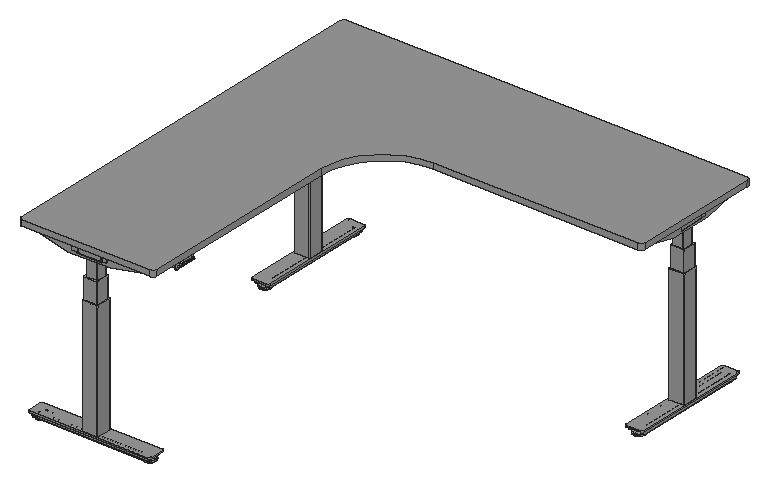
Revit family "3-Leg upCentric_72x72_Left", category Furniture, Revit 2014 (continued)
Definition of nested family "3-Leg upCentric_72x72_Left"
  Forms (in)
    Revolve 101, solid, material "Metal Black" <- "Frame"
      sketch origin (45.67323, -2.15005, 48) x (0, -1, 0) y (0, 0, -1)
        loop
          line (-1.438, 47.33071) -> (-1.438, 46.93701) -> (-1.12382, 46.93701) -> (-1.12382, 47.28975)
          arc (-1.12382, 47.28975) -> (-1.13582, 47.31871) -> (-1.16478, 47.33071) r 0.04095
          line (-1.16478, 47.33071) -> (-1.438, 47.33071)
        axis (-1.438, 47.33071) -> (-1.438, 46.93701)
      angle from 0 to 360
    Revolve 102, solid, material "Metal Black" <- "Frame"
      sketch origin (45.90945, -9.84682, 52.44291) x (0, -1, 0) y (0, 0, -1)
        loop
          line (-2.2445, 21.35433) -> (-2.12887, 21.35433) -> (-2.10624, 21.37696) -> (-2.10624, 21.44291) -> (-2.2445, 21.44291) -> (-2.2445, 21.35433)
        axis (-2.3622, 21.35433) -> (-2.3622, 21.44291)
      angle from 0 to 360
    Revolve 103, solid, material "Metal Black" <- "Frame"
      sketch origin (45.90945, -5.90555, 52.44291) x (0, -1, 0) y (0, 0, -1)
        loop
          line (-2.2445, 21.35433) -> (-2.12887, 21.35433) -> (-2.10624, 21.37696) -> (-2.10624, 21.44291) -> (-2.2445, 21.44291) -> (-2.2445, 21.35433)
        axis (-2.3622, 21.35433) -> (-2.3622, 21.44291)
      angle from 0 to 360
    Revolve 104, solid, material "Metal Black" <- "Frame"
      sketch origin (45.90945, 9.82961, 52.44291) x (0, 1, 0) y (0, 0, 1)
        loop
          line (-2.2445, -21.35433) -> (-2.2445, -21.44291) -> (-2.10624, -21.44291) -> (-2.10624, -21.37696) -> (-2.12887, -21.35433) -> (-2.2445, -21.35433)
        axis (-2.3622, -21.35433) -> (-2.3622, -21.44291)
      angle from 0 to 360
    Revolve 105, solid, material "Metal Black" <- "Frame"
      sketch origin (45.90945, 5.93673, 52.44291) x (0, 1, 0) y (0, 0, 1)
        loop
          line (-2.27966, -21.35433) -> (-2.27966, -21.44291) -> (-2.1414, -21.44291) -> (-2.1414, -21.37696) -> (-2.16403, -21.35433) -> (-2.27966, -21.35433)
        axis (-2.39736, -21.35433) -> (-2.39736, -21.44291)
      angle from 0 to 360
    Revolve 106, solid, material "Metal Black" <- "Frame"
      sketch origin (180.71068, 33.59849, 30.35564) x (0, -1, 0) y (1, 0, 0)
        loop
          line (30.54389, -135.39182) -> (30.54389, -135.15272) -> (30.46906, -135.15272) -> (30.42578, -135.196) -> (30.42578, -135.36998) -> (30.44762, -135.39182) -> (30.54389, -135.39182)
        axis (30.42578, -135.58789) -> (30.54389, -135.58789)
      angle from 0 to 360
    Revolve 107, solid, material "Metal Black" <- "Frame"
      sketch origin (180.71068, 33.59849, 30.35564) x (0, -1, 0) y (1, 0, 0)
        loop
          line (36.65406, -135.3935) -> (36.75034, -135.3935) -> (36.77217, -135.37166) -> (36.77217, -135.19768) -> (36.7289, -135.1544) -> (36.65406, -135.1544) -> (36.65406, -135.3935)
        axis (36.77217, -135.58957) -> (36.65406, -135.58957)
      angle from 0 to 360
    Revolve 108, solid, material "Metal Black" <- "Frame"
      sketch origin (180.71068, 33.59849, 30.35564) x (0, -1, 0) y (1, 0, 0)
        loop
          arc (30.17138, -135.57795) -> (30.18503, -135.75698) -> (30.22222, -135.93264) r 1.35519
          arc (30.22222, -135.93264) -> (30.23161, -135.9464) -> (30.2474, -135.9517) r 0.02616
          line (30.2474, -135.9517) -> (30.27869, -135.9517) -> (30.27869, -135.88271) -> (30.55077, -135.88271) -> (30.55077, -135.57795) -> (30.16631, -135.57795)
        axis (30.55077, -135.57795) -> (30.16631, -135.57795)
      angle from 0 to 360
    Revolve 109, solid, material "Metal Black" <- "Frame"
      sketch origin (180.71068, -33.60009, 30.35564) x (0, 1, 0) y (-1, 0, 0)
        loop
          arc (30.17138, 135.57795) -> (30.18503, 135.75698) -> (30.22222, 135.93264) r 1.35519
          arc (30.22222, 135.93264) -> (30.23161, 135.9464) -> (30.2474, 135.9517) r 0.02616
          line (30.2474, 135.9517) -> (30.27869, 135.9517) -> (30.27869, 135.88271) -> (30.55077, 135.88271) -> (30.55077, 135.57795) -> (30.16631, 135.57795)
        axis (30.55077, 135.57795) -> (30.16631, 135.57795)
      angle from 0 to 360
    Extrusion 110, solid, material "Metal Black" <- "Frame"
      sketch origin (0.71068, 12.6937, 0) x (0, 1, 0) y (0, 0, 1)
        loop
          line (-21.81468, 30.12016) -> (-16.43732, 28.95301) -> (-8.957, 28.95301) -> (-3.57709, 30.12071)
          arc (-3.57709, 30.12071) -> (-3.52078, 30.1431) -> (-3.47474, 30.18251) r 0.18477
          line (-3.47474, 30.18251) -> (-2.78878, 31) -> (-22.60554, 31) -> (-21.92126, 30.18451)
          arc (-21.92126, 30.18451) -> (-21.87332, 30.14347) -> (-21.81468, 30.12016) r 0.19241
      from 44.60821 to 45.78932
    Extrusion 111, solid, material "Black" <- "Control", visible <- "Button_left"
      sketch origin (24.13327, 2.63455, 2) x (0, 1, 0) y (0, 0, 1)
        loop
          arc (-15.04812, 29) -> (-15.09143, 28.99059) -> (-15.12693, 28.96406) r 0.10438
          line (-15.12693, 28.96406) -> (-15.48008, 28.55737)
          arc (-15.48008, 28.55737) -> (-15.48329, 28.53522) -> (-15.46446, 28.52311) r 0.02069
          line (-15.46446, 28.52311) -> (-15.24393, 28.52311)
          arc (-15.24393, 28.52311) -> (-15.10913, 28.54993) -> (-14.99484, 28.62629) r 0.35227
          line (-14.99484, 28.62629) -> (-14.8589, 28.76222)
          arc (-14.8589, 28.76222) -> (-14.80023, 28.80143) -> (-14.73101, 28.8152) r 0.18086
          line (-14.73101, 28.8152) -> (-14.55867, 28.8152)
          arc (-14.55867, 28.8152) -> (-14.51718, 28.83238) -> (-14.5, 28.87387) r 0.05867
          line (-14.5, 28.87387) -> (-14.5, 29) -> (-15.04812, 29)
      from 15.21373 to 19.22108
    Extrusion 112, solid, material "Black" <- "Control", visible <- "Button_left"
      sketch origin (24.28952, -12.42002, 31.04739) x (0, -0.655659, -0.755057) y (1, 0, 0)
        loop
          circle (0.37642, 18.60572) r 0.13929
      from 0 to 0.08091
    Extrusion 113, solid, material "Black" <- "Control", visible <- "Button_left"
      sketch origin (23.76732, -12.42002, 31.04739) x (0, -0.655659, -0.755057) y (1, 0, 0)
        loop
          circle (0.37642, 18.60572) r 0.13929
      from 0 to 0.08091
    Extrusion 114, solid, material "DarkGreen" <- "ControlDirection", visible <- "Button_left"
      sketch origin (23.20482, -12.42002, 31.04739) x (0, -0.655659, -0.755057) y (1, 0, 0)
        loop
          line (0.25317, 18.81874) -> (0.25317, 18.47919) -> (0.54722, 18.64897) -> (0.25317, 18.81874)
      from 0 to 0.0452
    Extrusion 115, solid, material "Black" <- "Control", visible <- "Button_left"
      sketch origin (58.41182, -12.42002, 31.04739) x (0, -0.655659, -0.755057) y (1, 0, 0)
        loop
          circle (0.37642, -18.60572) r 0.13929
      from 0 to 0.08091
    Extrusion 116, solid, material "Black" <- "Control", visible <- "Button_left"
      sketch origin (58.93402, -12.42002, 31.04739) x (0, -0.655659, -0.755057) y (1, 0, 0)
        loop
          circle (0.37642, -18.60572) r 0.13929
      from 0 to 0.08091
    Extrusion 117, solid, material "DarkGreen" <- "ControlDirection", visible <- "Button_left"
      sketch origin (59.49652, -12.42002, 31.04739) x (0, -0.655659, -0.755057) y (1, 0, 0)
        loop
          line (0.19067, -18.64897) -> (0.48472, -18.81874) -> (0.48472, -18.47919) -> (0.19067, -18.64897)
      from 0 to 0.0452
    Extrusion 118, solid, material "Default" <- "Control Screen", visible <- "Button_left"
      sketch origin (22.70482, -12.42002, 31.04739) x (0, -0.655659, -0.755057) y (1, 0, 0)
        loop
          line (0.16607, 18.86855) -> (0.16607, 18.41908) -> (0.521, 18.41908) -> (0.521, 18.86855) -> (0.16607, 18.86855)
      from 0 to 0.0167
    Revolve 119, solid, material "Metal Black" <- "Frame"
      sketch origin (-22.54052, -58.53519, 52.44291) x (-1, 0, 0) y (0, 0, -1)
        loop
          line (-2.2445, 21.35433) -> (-2.12887, 21.35433) -> (-2.10624, 21.37696) -> (-2.10624, 21.44291) -> (-2.2445, 21.44291) -> (-2.2445, 21.35433)
        axis (-2.3622, 21.35433) -> (-2.3622, 21.44291)
      angle from 0 to 360
    Revolve 120, solid, material "Metal Black" <- "Frame"
      sketch origin (-18.59925, -58.53519, 52.44291) x (-1, 0, 0) y (0, 0, -1)
        loop
          line (-2.2445, 21.35433) -> (-2.12887, 21.35433) -> (-2.10624, 21.37696) -> (-2.10624, 21.44291) -> (-2.2445, 21.44291) -> (-2.2445, 21.35433)
        axis (-2.3622, 21.35433) -> (-2.3622, 21.44291)
      angle from 0 to 360
    Revolve 121, solid, material "Metal Black" <- "Frame"
      sketch origin (-2.86409, -58.53519, 52.44291) x (1, 0, 0) y (0, 0, 1)
        loop
          line (-2.2445, -21.35433) -> (-2.2445, -21.44291) -> (-2.10624, -21.44291) -> (-2.10624, -21.37696) -> (-2.12887, -21.35433) -> (-2.2445, -21.35433)
        axis (-2.3622, -21.35433) -> (-2.3622, -21.44291)
      angle from 0 to 360
    Revolve 122, solid, material "Metal Black" <- "Frame"
      sketch origin (-6.75697, -58.53519, 52.44291) x (1, 0, 0) y (0, 0, 1)
        loop
          line (-2.27966, -21.35433) -> (-2.27966, -21.44291) -> (-2.1414, -21.44291) -> (-2.1414, -21.37696) -> (-2.16403, -21.35433) -> (-2.27966, -21.35433)
        axis (-2.39736, -21.35433) -> (-2.39736, -21.44291)
      angle from 0 to 360
    Revolve 123, solid, material "Metal Black" <- "Frame"
      sketch origin (-14.36894, -49.95675, 52.45252) x (0, 1, 0) y (0, 0, 1)
        loop
          line (-5.49249, -21.37402) -> (-5.60679, -21.37402) -> (-5.63045, -21.39768) -> (-5.63045, -21.45276) -> (-5.49249, -21.45276) -> (-5.49249, -21.37402)
        axis (-5.368, -21.45276) -> (-5.368, -21.37402)
      angle from 0 to 360
    Extrusion 124, solid, material "Metal Black" <- "Frame"
      sketch origin (-192.34735, -28.34235, 28.36548) x (0, -1, 0) y (1, 0, 0)
        loop
          line (27.37237, 177.46738) -> (27.37237, 179.47719)
          arc (27.37237, 179.47719) -> (27.31593, 179.61344) -> (27.17968, 179.66988) r 0.19269
          line (27.17968, 179.66988) -> (26.78189, 179.66988)
          arc (26.78189, 179.66988) -> (26.64265, 179.6122) -> (26.58497, 179.47295) r 0.19693
          line (26.58497, 179.47295) -> (26.58497, 177.46738) -> (27.37237, 177.46738)
        loop
          circle (26.98085, 177.97799) r 0.1198
        loop
          circle (26.97829, 179.25722) r 0.07775
      from 2.63452 to 2.53949
    Revolve 125, solid, material "Metal Black" <- "Frame"
      sketch origin (-14.36936, -49.52322, 52.45252) x (0, -1, 0) y (0, 0, -1)
        loop
          line (5.68037, 21.37402) -> (5.68037, 21.45276) -> (5.5424, 21.45276) -> (5.5424, 21.39768) -> (5.56607, 21.37402) -> (5.68037, 21.37402)
        axis (5.80485, 21.45276) -> (5.80485, 21.37402)
      angle from 0 to 360
    Extrusion 126, solid, material "Metal Black" <- "Frame"
      sketch origin (167.21682, -71.12785, 28.36548) x (0, 1, 0) y (-1, 0, 0)
        loop
          line (16.2038, 177.56938) -> (16.2038, 178.51739)
          arc (16.2038, 178.51739) -> (16.16951, 178.60016) -> (16.08674, 178.63445) r 0.11706
          line (16.08674, 178.63445) -> (15.53333, 178.63445)
          arc (15.53333, 178.63445) -> (15.45065, 178.6002) -> (15.4164, 178.51751) r 0.11693
          line (15.4164, 178.51751) -> (15.4164, 177.56938) -> (16.2038, 177.56938)
        loop
          circle (15.80799, 178.24752) r 0.1198
      from 2.53949 to 2.63452
    Revolve 127, solid, material "Metal Black" <- "Frame"
      sketch origin (-11.02289, -49.85323, 52.45252) x (0, 1, 0) y (0, 0, -1)
        loop
          line (-5.58624, 21.37402) -> (-5.58624, 21.45276) -> (-5.7242, 21.45276) -> (-5.7242, 21.39768) -> (-5.70054, 21.37402) -> (-5.58624, 21.37402)
        axis (-5.46175, 21.45276) -> (-5.46175, 21.37402)
      angle from 0 to 360
    Extrusion 128, solid, material "Metal Black" <- "Frame"
      sketch origin (-12.65512, -30.66376, 0) x (0, -1, 0) y (1, 0, 0)
        loop
          line (25.70374, -1.41734) -> (28.22494, -1.41734)
          arc (28.22494, -1.41734) -> (28.30795, -1.38295) -> (28.34233, -1.29994) r 0.11739
          line (28.34233, -1.29994) -> (28.34233, 1.22116)
          arc (28.34233, 1.22116) -> (28.30795, 1.30418) -> (28.22492, 1.33857) r 0.11741
          line (28.22492, 1.33857) -> (25.70374, 1.33857)
          arc (25.70374, 1.33857) -> (25.62073, 1.30418) -> (25.58635, 1.22117) r 0.11739
          line (25.58635, 1.22117) -> (25.58634, -1.29993)
          arc (25.58634, -1.29993) -> (25.62072, -1.38295) -> (25.70374, -1.41734) r 0.11741
      from 1.25984 to 22.01141
    Sweep 129, solid, material "Metal Black" <- "Frame"
      path origin (-12.65512, -30.66376, 22.01141) x (0, -1, 0) y (-1, 0, 0)
        loop
          arc (25.71906, 1.30529) -> (25.70447, 1.29925) -> (25.69843, 1.28467) r 0.02062
          line (25.69843, 1.28467) -> (25.69843, -1.18872)
          arc (25.69843, -1.18872) -> (25.70942, -1.21526) -> (25.73596, -1.22625) r 0.03753
          line (25.73596, -1.22625) -> (28.20973, -1.22625)
          arc (28.20973, -1.22625) -> (28.22385, -1.22041) -> (28.2297, -1.20629) r 0.01997
          line (28.2297, -1.20629) -> (28.2297, 1.27292)
          arc (28.2297, 1.27292) -> (28.22022, 1.29581) -> (28.19732, 1.30529) r 0.03238
          line (28.19732, 1.30529) -> (25.71906, 1.30529)
      profile origin (-13.96042, -57.62195, 22.01141) x (1, 0, 0) y (0, 0, 1)
        loop
          line (-0.11204, 0) -> (0, 0) -> (0, 0.0814) -> (-0.11204, 0)
    Extrusion 130, solid, material "Metal Black" <- "Frame"
      sketch origin (-12.65512, -30.66376, 22.01141) x (0, -1, 0) y (1, 0, 0)
        loop
          line (25.81982, -1.25186) -> (28.10686, -1.25186)
          arc (28.10686, -1.25186) -> (28.15638, -1.23135) -> (28.17689, -1.18184) r 0.07003
          line (28.17689, -1.18184) -> (28.17689, 1.10307)
          arc (28.17689, 1.10307) -> (28.15636, 1.15264) -> (28.10679, 1.17317) r 0.0701
          line (28.10679, 1.17317) -> (25.82118, 1.17317)
          arc (25.82118, 1.17317) -> (25.77209, 1.15284) -> (25.75175, 1.10374) r 0.06943
          line (25.75175, 1.10374) -> (25.75175, -1.18379)
          arc (25.75175, -1.18379) -> (25.77169, -1.23193) -> (25.81982, -1.25186) r 0.06807
      from 0.0814 to 3.74888
    Extrusion 131, solid, material "Metal Black" <- "Frame"
      sketch origin (-12.65512, -30.66376, 22.01141) x (0, -1, 0) y (1, 0, 0)
        loop
          line (26.09801, -1.02362) -> (27.83126, -1.02362)
          arc (27.83126, -1.02362) -> (27.91425, -0.98924) -> (27.94863, -0.90625) r 0.11737
          line (27.94863, -0.90625) -> (27.94863, 0.82596)
          arc (27.94863, 0.82596) -> (27.9138, 0.91005) -> (27.82971, 0.94488) r 0.11892
          line (27.82971, 0.94488) -> (26.09827, 0.94488)
          arc (26.09827, 0.94488) -> (26.01473, 0.91028) -> (25.98013, 0.82674) r 0.11814
          line (25.98013, 0.82674) -> (25.98013, -0.90574)
          arc (25.98013, -0.90574) -> (26.01466, -0.98909) -> (26.09801, -1.02362) r 0.11789
      from 3.74888 to 7.41636
    Extrusion 132, solid, material "Metal Black" <- "Frame"
      sketch origin (-12.65512, -30.66376, 22.01141) x (0, -1, 0) y (1, 0, 0)
        loop
          line (25.78246, -10.86615) -> (28.14486, -10.86615)
          arc (28.14486, -10.86615) -> (28.39585, -10.76219) -> (28.49981, -10.5112) r 0.35495
          line (28.49981, -10.5112) -> (28.49981, 10.43404)
          arc (28.49981, 10.43404) -> (28.39632, 10.6839) -> (28.14646, 10.7874) r 0.35335
          line (28.14646, 10.7874) -> (25.78137, 10.7874)
          arc (25.78137, 10.7874) -> (25.53217, 10.68417) -> (25.42895, 10.43497) r 0.35242
          line (25.42895, 10.43497) -> (25.42895, -10.51263)
          arc (25.42895, -10.51263) -> (25.53249, -10.76261) -> (25.78246, -10.86615) r 0.35352
      from -20.94842 to -20.75157
    Revolve 133, solid, material "Metal Black" <- "Frame"
      sketch origin (-22.73337, -57.59031, 48) x (1, 0, 0) y (0, 0, -1)
        loop
          line (0.4725, 47.52744) -> (0.4725, 48) -> (-0.47422, 48)
          arc (-0.47422, 48) -> (-0.50079, 47.98899) -> (-0.5118, 47.96242) r 0.03758
          line (-0.5118, 47.96242) -> (-0.5118, 47.79264)
          arc (-0.5118, 47.79264) -> (-0.50415, 47.76927) -> (-0.48417, 47.75493) r 0.03954
          line (-0.48417, 47.75493) -> (0.2357, 47.52744) -> (0.4725, 47.52744)
        axis (0.4725, 47.52744) -> (0.4725, 48)
      angle from 0 to 360
    Revolve 134, solid, material "Metal Black" <- "Frame"
      sketch origin (-2.65501, -57.59031, 48) x (-1, 0, 0) y (0, 0, 1)
        loop
          line (0.4725, -47.52744) -> (0.2357, -47.52744) -> (-0.48417, -47.75493)
          arc (-0.48417, -47.75493) -> (-0.50415, -47.76927) -> (-0.5118, -47.79264) r 0.03954
          line (-0.5118, -47.79264) -> (-0.5118, -47.96242)
          arc (-0.5118, -47.96242) -> (-0.50079, -47.98899) -> (-0.47422, -48) r 0.03758
          line (-0.47422, -48) -> (0.4725, -48) -> (0.4725, -47.52744)
        axis (0.4725, -47.52744) -> (0.4725, -48)
      angle from 0 to 360
    Extrusion 135, solid, material "Metal Black" <- "Frame"
      sketch origin (-12.65512, -36.21236, 0) x (-1, 0, 0) y (0, 0, -1)
        loop
          line (-10.07388, -0.47221) -> (-10.41497, -1.06299) -> (10.49372, -1.06299) -> (10.15189, -0.47093)
          arc (10.15189, -0.47093) -> (10.12418, -0.44322) -> (10.08632, -0.43307) r 0.07572
          line (10.08632, -0.43307) -> (-10.00609, -0.43307)
          arc (-10.00609, -0.43307) -> (-10.04523, -0.44356) -> (-10.07388, -0.47221) r 0.07828
      from 22.51969 to 22.71654
    Sweep 136, solid, material "Metal Black" <- "Frame"
      path origin (-12.65512, -36.21236, 0) x (-1, 0, 0) y (0, 0, -1)
        loop
          line (-10.4968, -1.20472) -> (-10.07388, -0.47221)
          arc (-10.07388, -0.47221) -> (-10.04523, -0.44356) -> (-10.00609, -0.43307) r 0.07828
          line (-10.00609, -0.43307) -> (10.08632, -0.43307)
          arc (10.08632, -0.43307) -> (10.12418, -0.44322) -> (10.15189, -0.47093) r 0.07572
          line (10.15189, -0.47093) -> (10.49372, -1.06299)
      profile origin (-12.69524, -36.21236, 0.43307) x (0, 0, -1) y (0, -1, 0)
        loop
          arc (0, 22.51969) -> (0.02784, 22.53122) -> (0.03937, 22.55906) r 0.03937
          line (0.03937, 22.55906) -> (0.03937, 22.67717)
          arc (0.03937, 22.67717) -> (0.02784, 22.705) -> (0, 22.71654) r 0.03937
          line (0, 22.71654) -> (0, 22.51969)
    Extrusion 137, solid, material "Metal Black" <- "Frame"
      sketch origin (-12.65512, -78.96826, 0) x (-1, 0, 0) y (0, 0, 1)
        loop
          arc (-10.07388, 0.47221) -> (-10.04523, 0.44356) -> (-10.00609, 0.43307) r 0.07828
          line (-10.00609, 0.43307) -> (10.08632, 0.43307)
          arc (10.08632, 0.43307) -> (10.12418, 0.44322) -> (10.15189, 0.47093) r 0.07572
          line (10.15189, 0.47093) -> (10.49372, 1.06299) -> (-10.41497, 1.06299) -> (-10.07388, 0.47221)
      from 22.51969 to 22.71654
    Sweep 138, solid, material "Metal Black" <- "Frame"
      path origin (-12.65512, -78.96826, 0) x (-1, 0, 0) y (0, 0, 1)
        loop
          line (-10.41497, 1.06299) -> (-10.07388, 0.47221)
          arc (-10.07388, 0.47221) -> (-10.04523, 0.44356) -> (-10.00609, 0.43307) r 0.07828
          line (-10.00609, 0.43307) -> (10.08632, 0.43307)
          arc (10.08632, 0.43307) -> (10.12418, 0.44322) -> (10.15189, 0.47093) r 0.07572
          line (10.15189, 0.47093) -> (10.49372, 1.06299)
      profile origin (-12.69524, -78.96826, 0.43307) x (0, 0, 1) y (0, 1, 0)
        loop
          line (0, 22.51969) -> (0, 22.71654)
          arc (0, 22.71654) -> (-0.02784, 22.705) -> (-0.03937, 22.67717) r 0.03937
          line (-0.03937, 22.67717) -> (-0.03937, 22.55906)
          arc (-0.03937, 22.55906) -> (-0.02784, 22.53122) -> (0, 22.51969) r 0.03937
    Extrusion 139, solid, material "Metal Black" <- "Frame"
      sketch origin (-12.65512, -30.66376, 0) x (0, -1, 0) y (0, 0, -1)
        loop
          line (26.68879, -0.7874) -> (26.68879, -1.06299) -> (27.23997, -1.06299) -> (27.23997, -0.7874)
          arc (27.23997, -0.7874) -> (27.22844, -0.75956) -> (27.2006, -0.74803) r 0.03937
          line (27.2006, -0.74803) -> (26.72816, -0.74803)
          arc (26.72816, -0.74803) -> (26.70032, -0.75956) -> (26.68879, -0.7874) r 0.03937
      from -10.07679 to 9.99999
    Revolve 140, solid, material "Metal Black" <- "Frame"
      sketch origin (-13.41978, -56.88075, 48) x (-1, 0, 0) y (0, 0, -1)
        loop
          line (-1.438, 47.33071) -> (-1.438, 46.93701) -> (-1.12382, 46.93701) -> (-1.12382, 47.28975)
          arc (-1.12382, 47.28975) -> (-1.13582, 47.31871) -> (-1.16478, 47.33071) r 0.04095
          line (-1.16478, 47.33071) -> (-1.438, 47.33071)
        axis (-1.438, 47.33071) -> (-1.438, 46.93701)
      angle from 0 to 360
    Revolve 141, solid, material "Metal Black" <- "Frame"
      sketch origin (-14.84375, -56.88075, 48) x (-1, 0, 0) y (0, 0, -1)
        loop
          line (-1.438, 47.33071) -> (-1.438, 46.93701) -> (-1.12382, 46.93701) -> (-1.12382, 47.28975)
          arc (-1.12382, 47.28975) -> (-1.13582, 47.31871) -> (-1.16478, 47.33071) r 0.04095
          line (-1.16478, 47.33071) -> (-1.438, 47.33071)
        axis (-1.438, 47.33071) -> (-1.438, 46.93701)
      angle from 0 to 360
    Revolve 142, solid, material "Metal Black" <- "Frame"
      sketch origin (-13.41978, -58.29897, 48) x (-1, 0, 0) y (0, 0, -1)
        loop
          line (-1.438, 47.33071) -> (-1.438, 46.93701) -> (-1.12382, 46.93701) -> (-1.12382, 47.28975)
          arc (-1.12382, 47.28975) -> (-1.13582, 47.31871) -> (-1.16478, 47.33071) r 0.04095
          line (-1.16478, 47.33071) -> (-1.438, 47.33071)
        axis (-1.438, 47.33071) -> (-1.438, 46.93701)
      angle from 0 to 360
    Revolve 143, solid, material "Metal Black" <- "Frame"
      sketch origin (-14.84375, -58.29897, 48) x (-1, 0, 0) y (0, 0, -1)
        loop
          line (-1.438, 47.33071) -> (-1.438, 46.93701) -> (-1.12382, 46.93701) -> (-1.12382, 47.28975)
          arc (-1.12382, 47.28975) -> (-1.13582, 47.31871) -> (-1.16478, 47.33071) r 0.04095
          line (-1.16478, 47.33071) -> (-1.438, 47.33071)
        axis (-1.438, 47.33071) -> (-1.438, 46.93701)
      angle from 0 to 360
    Revolve 144, solid, material "Metal Black" <- "Frame"
      sketch origin (-22.54052, -58.53519, 52.44291) x (-1, 0, 0) y (0, 0, -1)
        loop
          line (-2.2445, 21.35433) -> (-2.12887, 21.35433) -> (-2.10624, 21.37696) -> (-2.10624, 21.44291) -> (-2.2445, 21.44291) -> (-2.2445, 21.35433)
        axis (-2.3622, 21.35433) -> (-2.3622, 21.44291)
      angle from 0 to 360
    Revolve 145, solid, material "Metal Black" <- "Frame"
      sketch origin (-18.59925, -58.53519, 52.44291) x (-1, 0, 0) y (0, 0, -1)
        loop
          line (-2.2445, 21.35433) -> (-2.12887, 21.35433) -> (-2.10624, 21.37696) -> (-2.10624, 21.44291) -> (-2.2445, 21.44291) -> (-2.2445, 21.35433)
        axis (-2.3622, 21.35433) -> (-2.3622, 21.44291)
      angle from 0 to 360
    Revolve 146, solid, material "Metal Black" <- "Frame"
      sketch origin (-2.86409, -58.53519, 52.44291) x (1, 0, 0) y (0, 0, 1)
        loop
          line (-2.2445, -21.35433) -> (-2.2445, -21.44291) -> (-2.10624, -21.44291) -> (-2.10624, -21.37696) -> (-2.12887, -21.35433) -> (-2.2445, -21.35433)
        axis (-2.3622, -21.35433) -> (-2.3622, -21.44291)
      angle from 0 to 360
    Revolve 147, solid, material "Metal Black" <- "Frame"
      sketch origin (-6.75697, -58.53519, 52.44291) x (1, 0, 0) y (0, 0, 1)
        loop
          line (-2.27966, -21.35433) -> (-2.27966, -21.44291) -> (-2.1414, -21.44291) -> (-2.1414, -21.37696) -> (-2.16403, -21.35433) -> (-2.27966, -21.35433)
        axis (-2.39736, -21.35433) -> (-2.39736, -21.44291)
      angle from 0 to 360
    Revolve 148, solid, material "Metal Black" <- "Frame"
      sketch origin (20.90479, -193.33643, 30.35564) x (-1, 0, 0) y (0, -1, 0)
        loop
          line (30.54389, -135.39182) -> (30.54389, -135.15272) -> (30.46906, -135.15272) -> (30.42578, -135.196) -> (30.42578, -135.36998) -> (30.44762, -135.39182) -> (30.54389, -135.39182)
        axis (30.42578, -135.58789) -> (30.54389, -135.58789)
      angle from 0 to 360
    Revolve 149, solid, material "Metal Black" <- "Frame"
      sketch origin (20.90479, -193.33643, 30.35564) x (-1, 0, 0) y (0, -1, 0)
        loop
          line (36.65406, -135.3935) -> (36.75034, -135.3935) -> (36.77217, -135.37166) -> (36.77217, -135.19768) -> (36.7289, -135.1544) -> (36.65406, -135.1544) -> (36.65406, -135.3935)
        axis (36.77217, -135.58957) -> (36.65406, -135.58957)
      angle from 0 to 360
    Revolve 150, solid, material "Metal Black" <- "Frame"
      sketch origin (20.90479, -193.33643, 30.35564) x (-1, 0, 0) y (0, -1, 0)
        loop
          arc (30.17138, -135.57795) -> (30.18503, -135.75698) -> (30.22222, -135.93264) r 1.35519
          arc (30.22222, -135.93264) -> (30.23161, -135.9464) -> (30.2474, -135.9517) r 0.02616
          line (30.2474, -135.9517) -> (30.27869, -135.9517) -> (30.27869, -135.88271) -> (30.55077, -135.88271) -> (30.55077, -135.57795) -> (30.16631, -135.57795)
        axis (30.55077, -135.57795) -> (30.16631, -135.57795)
      angle from 0 to 360
    Revolve 151, solid, material "Metal Black" <- "Frame"
      sketch origin (-46.29379, -193.33643, 30.35564) x (1, 0, 0) y (0, 1, 0)
        loop
          arc (30.17138, 135.57795) -> (30.18503, 135.75698) -> (30.22222, 135.93264) r 1.35519
          arc (30.22222, 135.93264) -> (30.23161, 135.9464) -> (30.2474, 135.9517) r 0.02616
          line (30.2474, 135.9517) -> (30.27869, 135.9517) -> (30.27869, 135.88271) -> (30.55077, 135.88271) -> (30.55077, 135.57795) -> (30.16631, 135.57795)
        axis (30.55077, 135.57795) -> (30.16631, 135.57795)
      angle from 0 to 360
    Extrusion 152, solid, material "Metal Black" <- "Frame"
      sketch origin (0, -13.33643, 0) x (1, 0, 0) y (0, 0, 1)
        loop
          line (-21.81468, 30.12016) -> (-16.43732, 28.95301) -> (-8.957, 28.95301) -> (-3.57709, 30.12071)
          arc (-3.57709, 30.12071) -> (-3.52078, 30.1431) -> (-3.47474, 30.18251) r 0.18477
          line (-3.47474, 30.18251) -> (-2.78878, 31) -> (-22.60554, 31) -> (-21.92126, 30.18451)
          arc (-21.92126, 30.18451) -> (-21.87332, 30.14347) -> (-21.81468, 30.12016) r 0.19241
      from 44.60821 to 45.78932
    Extrusion 153, solid, material "Black" <- "Control", visible <- "Button_right"
      sketch origin (-15.14445, -71.18889, 2) x (-1, 0, 0) y (0, 0, 1)
        loop
          arc (-15.04812, 29) -> (-15.09143, 28.99059) -> (-15.12693, 28.96406) r 0.10438
          line (-15.12693, 28.96406) -> (-15.48008, 28.55737)
          arc (-15.48008, 28.55737) -> (-15.48329, 28.53522) -> (-15.46446, 28.52311) r 0.02069
          line (-15.46446, 28.52311) -> (-15.24393, 28.52311)
          arc (-15.24393, 28.52311) -> (-15.10913, 28.54993) -> (-14.99484, 28.62629) r 0.35227
          line (-14.99484, 28.62629) -> (-14.8589, 28.76222)
          arc (-14.8589, 28.76222) -> (-14.80023, 28.80143) -> (-14.73101, 28.8152) r 0.18086
          line (-14.73101, 28.8152) -> (-14.55867, 28.8152)
          arc (-14.55867, 28.8152) -> (-14.51718, 28.83238) -> (-14.5, 28.87387) r 0.05867
          line (-14.5, 28.87387) -> (-14.5, 29) -> (-15.04812, 29)
      from 15.21373 to 19.22108
    Extrusion 154, solid, material "Black" <- "Control", visible <- "Button_right"
      sketch origin (-0.08988, -71.03264, 31.04739) x (0.655659, 0, -0.755057) y (0, 1, 0)
        loop
          circle (0.37642, 18.60572) r 0.13929
      from 0 to 0.08091
    Extrusion 155, solid, material "Black" <- "Control", visible <- "Button_right"
      sketch origin (-0.08988, -71.55484, 31.04739) x (0.655659, 0, -0.755057) y (0, 1, 0)
        loop
          circle (0.37642, 18.60572) r 0.13929
      from 0 to 0.08091
    Extrusion 156, solid, material "DarkGreen" <- "ControlDirection", visible <- "Button_right"
      sketch origin (-0.08988, -72.11734, 31.04739) x (0.655659, 0, -0.755057) y (0, 1, 0)
        loop
          line (0.25317, 18.81874) -> (0.25317, 18.47919) -> (0.54722, 18.64897) -> (0.25317, 18.81874)
      from 0 to 0.0452
    Extrusion 157, solid, material "Black" <- "Control", visible <- "Button_right"
      sketch origin (-0.08988, -36.91034, 31.04739) x (0.655659, 0, -0.755057) y (0, 1, 0)
        loop
          circle (0.37642, -18.60572) r 0.13929
      from 0 to 0.08091
    Extrusion 158, solid, material "Black" <- "Control", visible <- "Button_right"
      sketch origin (-0.08988, -36.38814, 31.04739) x (0.655659, 0, -0.755057) y (0, 1, 0)
        loop
          circle (0.37642, -18.60572) r 0.13929
      from 0 to 0.08091
    Extrusion 159, solid, material "DarkGreen" <- "ControlDirection", visible <- "Button_right"
      sketch origin (-0.08988, -35.82564, 31.04739) x (0.655659, 0, -0.755057) y (0, 1, 0)
        loop
          line (0.19067, -18.64897) -> (0.48472, -18.81874) -> (0.48472, -18.47919) -> (0.19067, -18.64897)
      from 0 to 0.0452
    Extrusion 160, solid, material "Default" <- "Control Screen", visible <- "Button_right"
      sketch origin (-0.08988, -72.61734, 31.04739) x (0.655659, 0, -0.755057) y (0, 1, 0)
        loop
          line (0.16607, 18.86855) -> (0.16607, 18.41908) -> (0.521, 18.41908) -> (0.521, 18.86855) -> (0.16607, 18.86855)
      from 0 to 0.0167
    Extrusion 161, void
      sketch origin (73.62742, -31.34803, 4.41166) x (-1, 0, 0) y (0, 0, -1)
        loop
          line (28.42107, -24.48906) -> (27.17905, -24.48906) -> (27.17905, -26.48906) -> (28.42107, -26.48906) -> (28.42107, -24.48906)
      from -42.174 to -20.52045
  Cuts and joins
    Extrusion 2, Extrusion 84 cuts Extrusion 1
    Extrusion 5, Extrusion 6, Extrusion 84 cuts Extrusion 3
    Extrusion 84 cuts Extrusion 4
    Extrusion 8, Extrusion 9, Extrusion 10, Extrusion 11, Extrusion 12, Extrusion 13 cuts Extrusion 7
    Extrusion 161 cuts Extrusion 22
    Extrusion 161 cuts Extrusion 23
    Extrusion 84 cuts Extrusion 52
    Extrusion 84 cuts Revolve 69
    Extrusion 84 cuts Revolve 70
    Extrusion 84 cuts Revolve 71
    Extrusion 84 cuts Revolve 72
    Extrusion 84 cuts Extrusion 73
    Extrusion 161 cuts Extrusion 131
    Extrusion 161 cuts Revolve 148
    Extrusion 161 cuts Revolve 149
    Extrusion 161 cuts Extrusion 152
    Extrusion 161 cuts Extrusion 110
  Dimensions and locks (in)
    plane 6 to plane 1 "Center (Front/Back)" = 14.80315"
    equal spacing: plane 8, plane 3 "Center (Left/Right)", plane 9
    plane 13 to level = 22.09281"
    "TotalHeight": plane 11 to level
    locked: plane 11 to plane 10 at 1
    plane 10 to plane 15 = 0.7874"
    locked: Extrusion 7 sketch curve to Extrusion 7 sketch curve at 1.55992
    locked: plane 10 to Extrusion 5 sketch curve at 0.62841
    locked: cut or joined group of Extrusion 3, Extrusion 5, Extrusion 6, Extrusion 84 to cut or joined group of Extrusion 3, Extrusion 5, Extrusion 6, Extrusion 84 at 0.20472
    locked: plane 10 to plane 17 at 0.64436
    locked: Extrusion 3 sketch curve to Extrusion 3 sketch curve at 1.5748
    equal spacing: plane 16, plane 14, plane 13
    locked: Extrusion 22 sketch curve to Extrusion 22 sketch curve at 1.5748
    equal spacing: plane 12, plane 22, plane 24
    plane 23 to plane 6 = 60.6303"
    "A Length": plane 8 to plane 9
    "B Length": plane 12 to plane 24
    "C Length": plane 12 to plane 25
    "D Length": plane 8 to plane 26
    locked: plane 25 to plane 27 at 0.57443
    plane 6 to plane 23 = 60.6303"
    locked: Extrusion 23 sketch curve to Extrusion 23 sketch curve at 1.57223
    locked: plane 10 to plane 16 at 1.57223
    "BoltH": plane 10 to plane 29
    locked: Extrusion 73 sketch curve to Extrusion 73 sketch curve at 2.04699
    locked: Extrusion 79 sketch curve to Extrusion 79 sketch curve at 1.97835
    Extrusion 84 sketch curve to Extrusion 84 sketch curve = 2"
    locked: Extrusion 85 sketch curve to Extrusion 85 sketch curve at 1.97835
    locked: Extrusion 110 sketch curve to Extrusion 110 sketch curve at 2.04699
    locked: Extrusion 152 sketch curve to Extrusion 152 sketch curve at 2.04699
    Extrusion 161 sketch curve to Extrusion 161 sketch curve = 2"
    radius of Extrusion 6 sketch curve = 0.10236"
    "E Radius": radius of Extrusion 48 sketch curve
    radius of Extrusion 48 sketch curve = 0.74007"
    radius of Extrusion 48 sketch curve = 189/256"  (x4)
    aligned and locked: level to plane 2
    aligned and locked: Extrusion 3 sketch curve to plane 10
    aligned and locked: cut or joined group of Extrusion 7, Extrusion 8, Extrusion 9, Extrusion 10, Extrusion 11, Extrusion 12, Extrusion 13 to plane 10
    aligned and locked: plane 10 to Extrusion 7 sketch curve
    aligned and locked: plane 16 to cut or joined group of Extrusion 7, Extrusion 8, Extrusion 9, Extrusion 10, Extrusion 11, Extrusion 12, Extrusion 13  (x5)
    aligned and locked: Extrusion 8 to plane 10
    aligned and locked: Extrusion 9 to plane 10
    aligned and locked: cut or joined group of Extrusion 3, Extrusion 5, Extrusion 6, Extrusion 84 to Extrusion 10
    aligned and locked: Extrusion 10 to plane 10
    aligned and locked: Extrusion 11 to plane 10
    aligned and locked: Extrusion 12 to plane 10
    aligned and locked: Extrusion 13 to plane 10
    aligned and locked: Extrusion 22 sketch curve to plane 10
    aligned and locked: Extrusion 23 sketch curve to plane 16
    aligned and locked: plane 10 to Revolve 47
    aligned and locked: plane 10 to Revolve 46
    aligned and locked: Extrusion 28 to plane 10
    aligned and locked: Extrusion 26 to plane 10
    aligned and locked: Extrusion 14 to plane 10
    aligned and locked: Extrusion 20 to plane 10
    aligned and locked: Extrusion 16 to plane 10
    aligned and locked: Extrusion 44 to plane 10
    aligned and locked: Extrusion 24 to plane 10
    aligned and locked: Extrusion 18 to plane 10
    aligned and locked: plane 10 to Extrusion 28
    aligned and locked: Extrusion 14 to Extrusion 28
    aligned and locked: Extrusion 14 to Extrusion 26
    aligned and locked: plane 29 to Extrusion 44
    aligned and locked: plane 29 to Extrusion 24
    aligned and locked: plane 29 to Extrusion 16
    aligned and locked: plane 29 to Extrusion 20
    aligned and locked: plane 29 to Extrusion 14
    aligned and locked: plane 29 to Extrusion 18
    aligned and locked: plane 29 to Extrusion 38
    aligned and locked: plane 29 to Extrusion 34
    aligned and locked: plane 29 to Extrusion 40
    aligned and locked: plane 29 to Extrusion 30
    aligned and locked: Extrusion 34 to plane 10
    aligned and locked: Extrusion 32 to plane 10
    aligned and locked: plane 29 to Extrusion 32
    aligned and locked: Extrusion 36 to plane 10
    aligned and locked: plane 29 to Extrusion 36
    aligned and locked: plane 10 to Extrusion 44  (x2)
    aligned and locked: Extrusion 44 to plane 29  (x2)
    aligned and locked: plane 10 to Extrusion 36
    aligned and locked: Extrusion 36 to plane 29  (x3)
    aligned and locked: Extrusion 34 to plane 29  (x2)
    aligned and locked: Extrusion 51 to Sweep 50
    aligned and locked: Extrusion 56 to Sweep 57 sketch curve
    aligned and locked: Sweep 87 to Extrusion 88
    aligned and locked: Sweep 94 sketch curve to Extrusion 93
    aligned and locked: Extrusion 130 to Sweep 129
    aligned and locked: Sweep 136 sketch curve to Extrusion 135
  Automatic sketch dimensions
    Extrusion 1 sketch curve to plane 10 = 0"
    plane 5 to Extrusion 1 sketch curve = 0"
    plane 5 to Extrusion 1 sketch curve = 0.15748"
    Extrusion 1 sketch curve to Extrusion 1 sketch curve = 0.03937"
    Extrusion 1 sketch curve to plane 29 = 0.01282"
    plane 5 to Extrusion 1 sketch curve = 6.51512"
    Extrusion 1 sketch curve to Extrusion 1 sketch curve = 0.02816"
    Extrusion 1 sketch curve to plane 10 = 0.03668"
    Extrusion 1 sketch curve to plane 16 = 0.40612"
    Extrusion 1 sketch curve to Extrusion 1 sketch curve = 0.33528"
    Extrusion 1 sketch curve to Extrusion 1 sketch curve = 0.19685"
    Extrusion 1 sketch curve to Extrusion 1 sketch curve = 0.15748"  (x3)
    plane 15 to Extrusion 1 sketch curve = 0.0689"
    Extrusion 2 sketch curve to plane 17 = 0.02579"
    plane 5 to Extrusion 2 sketch curve = 6.79059"
    Extrusion 3 sketch curve to plane 18 = 1.17669"  (x2)
    plane 29 to Extrusion 3 sketch curve = 0.02308"  (x2)
    Extrusion 3 sketch curve to plane 18 = 0.42865"
    Extrusion 3 sketch curve to Extrusion 3 sketch curve = 0.11811"
    Extrusion 3 sketch curve to plane 16 = 0.11554"
    Extrusion 3 sketch curve to Extrusion 3 sketch curve = 0"  (x3)
    plane 10 to Extrusion 4 sketch curve = 0"
    Extrusion 4 sketch curve to plane 16 = 0.00257"
    plane 1 "Center (Front/Back)" to Extrusion 4 sketch curve = 2.973"
    Extrusion 4 sketch curve to Extrusion 4 sketch curve = 0"  (x4)
    Extrusion 4 sketch curve to plane 29 = 0.02308"  (x2)
    Extrusion 4 sketch curve to Extrusion 4 sketch curve = 0.74803"
    Extrusion 4 sketch curve to Extrusion 4 sketch curve = 0.11811"
    plane 16 to Extrusion 4 sketch curve = 0.11554"
    Extrusion 5 sketch curve to plane 4 = 6.79059"
    plane 29 to Extrusion 6 sketch curve = 0.02308"
    Extrusion 6 sketch curve to plane 4 = 8.48819"
    Extrusion 6 sketch curve to plane 10 = 0.02377"
    plane 17 to Extrusion 7 sketch curve = 0.06986"
    Extrusion 7 sketch curve to plane 26 = 0.80012"
    plane 29 to Extrusion 7 sketch curve = 0.16373"
    plane 3 "Center (Left/Right)" to Extrusion 7 sketch curve = 2.13401"
    plane 10 to Extrusion 7 sketch curve = 0.03937"  (x2)
    Extrusion 7 sketch curve to Extrusion 7 sketch curve = 0.00766"
    Extrusion 7 sketch curve to plane 15 = 0.33859"
    Extrusion 7 sketch curve to Extrusion 7 sketch curve = 0.01514"
    plane 29 to Extrusion 7 sketch curve = 15/64"
    Extrusion 7 sketch curve to Extrusion 7 sketch curve = 2.084"
    Extrusion 7 sketch curve to plane 15 = 0.34619"
    Extrusion 7 sketch curve to Extrusion 7 sketch curve = 6.53212"
    Extrusion 7 sketch curve to Extrusion 7 sketch curve = 0.03177"
    Extrusion 7 sketch curve to Extrusion 7 sketch curve = 1.22878"
    Extrusion 7 sketch curve to plane 15 = 0.30696"
    Extrusion 7 sketch curve to Extrusion 7 sketch curve = 0.00024"
    Extrusion 8 sketch curve to plane 21 = 0.11276"
    Extrusion 8 sketch curve to plane 4 = 9.8926"
    Extrusion 9 sketch curve to plane 1 "Center (Front/Back)" = 1.52018"
    Extrusion 9 sketch curve to plane 4 = 9.8926"
    Extrusion 10 sketch curve to plane 21 = 0.11276"
    plane 3 "Center (Left/Right)" to Extrusion 10 sketch curve = 6.63079"
    Extrusion 11 sketch curve to plane 1 "Center (Front/Back)" = 1.52018"
    plane 3 "Center (Left/Right)" to Extrusion 11 sketch curve = 6.63079"
    Extrusion 12 sketch curve to plane 21 = 0.11276"
    plane 3 "Center (Left/Right)" to Extrusion 12 sketch curve = 2.53573"
    Extrusion 13 sketch curve to plane 1 "Center (Front/Back)" = 1.52018"
    plane 3 "Center (Left/Right)" to Extrusion 13 sketch curve = 2.53573"
    Extrusion 14 sketch curve to plane 18 = 0"
    plane 3 "Center (Left/Right)" to Extrusion 14 sketch curve = 0.04162"
    Extrusion 14 sketch curve to plane 3 "Center (Left/Right)" = 0.34887"
    Extrusion 14 sketch curve to plane 3 "Center (Left/Right)" = 0.35252"
    Extrusion 14 sketch curve to Extrusion 14 sketch curve = 0.09696"
    Extrusion 14 sketch curve to plane 26 = 0.09022"
    Extrusion 14 sketch curve to Extrusion 14 sketch curve = 0.09384"
    Extrusion 14 sketch curve to Extrusion 14 sketch curve = 0.13385"
    Extrusion 14 sketch curve to plane 21 = 0.14282"
    Extrusion 14 sketch curve to plane 18 = 1.04283"
    Revolve 15 sketch curve to plane 10 = 0.05484"
    plane 3 "Center (Left/Right)" to Revolve 15 sketch curve = 0.2992"
    Revolve 15 sketch curve to plane 10 = 0.07851"
    Revolve 15 sketch curve to Revolve 15 sketch curve = 0.02367"
    plane 10 to Revolve 15 sketch curve = 0.00023"
    Revolve 15 sketch curve to Revolve 15 sketch curve = 0.13796"
    plane 29 to Revolve 15 sketch curve = 0.0148"
    plane 3 "Center (Left/Right)" to Revolve 15 sketch curve = 0.03675"
    Revolve 15 sketch curve to Revolve 15 sketch curve = 0.07107"
    Extrusion 16 sketch curve to plane 18 = 0.55438"
    Extrusion 16 sketch curve to plane 26 = 2.58505"
    Extrusion 16 sketch curve to Extrusion 16 sketch curve = 0.09384"
    Extrusion 16 sketch curve to plane 19 = 0.00156"
    Extrusion 16 sketch curve to Extrusion 16 sketch curve = 0.30293"
    Extrusion 16 sketch curve to Extrusion 16 sketch curve = 0.29004"
    Extrusion 16 sketch curve to Extrusion 16 sketch curve = 0.1006"
    Extrusion 16 sketch curve to plane 21 = 0.26093"
    plane 10 to Revolve 17 sketch curve = 0.00023"
    Revolve 17 sketch curve to plane 26 = 2.85439"
    Revolve 17 sketch curve to plane 10 = 0.07851"
    Revolve 17 sketch curve to Revolve 17 sketch curve = 0.1143"
    Revolve 17 sketch curve to Revolve 17 sketch curve = 0.02367"  (x2)
    plane 29 to Revolve 17 sketch curve = 0.0148"
    Revolve 17 sketch curve to Revolve 17 sketch curve = 0.12448"
    Revolve 17 sketch curve to Revolve 17 sketch curve = 0.07107"
    Extrusion 18 sketch curve to plane 3 "Center (Left/Right)" = 0.00526"
    Extrusion 18 sketch curve to plane 3 "Center (Left/Right)" = 0.39575"
    Extrusion 18 sketch curve to plane 3 "Center (Left/Right)" = 0.39939"
    Extrusion 18 sketch curve to Extrusion 18 sketch curve = 0.09696"
    Extrusion 18 sketch curve to plane 26 = 0.1371"
    Extrusion 18 sketch curve to Extrusion 18 sketch curve = 0.09384"
    Extrusion 18 sketch curve to Extrusion 18 sketch curve = 0.13385"
    Extrusion 18 sketch curve to plane 1 "Center (Front/Back)" = 3.04245"
    Extrusion 18 sketch curve to Extrusion 18 sketch curve = 1.07973"
    Extrusion 18 sketch curve to Extrusion 18 sketch curve = 0.29752"
    Revolve 19 sketch curve to plane 10 = 0.05484"
    plane 3 "Center (Left/Right)" to Revolve 19 sketch curve = 0.25232"
    Revolve 19 sketch curve to plane 10 = 0.07851"
    Revolve 19 sketch curve to Revolve 19 sketch curve = 0.02367"
    plane 10 to Revolve 19 sketch curve = 0.00023"
    plane 3 "Center (Left/Right)" to Revolve 19 sketch curve = 0.11436"
    Revolve 19 sketch curve to plane 3 "Center (Left/Right)" = 0.01013"
    Revolve 19 sketch curve to Revolve 19 sketch curve = 0.07107"
    plane 29 to Revolve 19 sketch curve = 0.0148"
    Extrusion 20 sketch curve to plane 26 = 1.97275"
    Extrusion 20 sketch curve to Extrusion 20 sketch curve = 0.09384"
    Extrusion 20 sketch curve to Extrusion 20 sketch curve = 0.30293"
    Extrusion 20 sketch curve to Extrusion 20 sketch curve = 0.29004"
    Extrusion 20 sketch curve to Extrusion 20 sketch curve = 0.1006"
    Extrusion 20 sketch curve to plane 1 "Center (Front/Back)" = 1.36122"
    Extrusion 20 sketch curve to Extrusion 20 sketch curve = 0.29063"
    Extrusion 20 sketch curve to Extrusion 20 sketch curve = 0.67938"
    plane 10 to Revolve 21 sketch curve = 0.00023"
    Revolve 21 sketch curve to plane 26 = 1.70341"
    Revolve 21 sketch curve to plane 10 = 0.07851"
    Revolve 21 sketch curve to Revolve 21 sketch curve = 0.1143"
    Revolve 21 sketch curve to Revolve 21 sketch curve = 0.02367"  (x2)
    plane 29 to Revolve 21 sketch curve = 0.0148"
    Revolve 21 sketch curve to Revolve 21 sketch curve = 0.12448"
    Revolve 21 sketch curve to Revolve 21 sketch curve = 0.07107"
    Extrusion 22 sketch curve to Extrusion 22 sketch curve = 0"  (x4)
    plane 29 to Extrusion 22 sketch curve = 0.02308"  (x2)
    Extrusion 22 sketch curve to Extrusion 22 sketch curve = 0.74803"
    Extrusion 22 sketch curve to Extrusion 22 sketch curve = 0.11811"
    Extrusion 22 sketch curve to plane 16 = 0.11554"
    Extrusion 23 sketch curve to Extrusion 23 sketch curve = 0"  (x3)
    plane 29 to Extrusion 23 sketch curve = 0.02308"  (x2)
    Extrusion 23 sketch curve to Extrusion 23 sketch curve = 0.74803"
    Extrusion 23 sketch curve to Extrusion 23 sketch curve = 0.11811"  (x2)
    Extrusion 23 sketch curve to Extrusion 23 sketch curve = 0.00257"
    Extrusion 24 sketch curve to plane 22 = 9.64252"
    Extrusion 24 sketch curve to Extrusion 24 sketch curve = 0.19693"
    Extrusion 24 sketch curve to Extrusion 24 sketch curve = 0.19639"
    Extrusion 24 sketch curve to Extrusion 24 sketch curve = 0.39588"
    Extrusion 24 sketch curve to Extrusion 24 sketch curve = 0.2014"
    Extrusion 24 sketch curve to Extrusion 24 sketch curve = 0.19269"
    Extrusion 24 sketch curve to plane 5 = 10.04152"
    Extrusion 24 sketch curve to Extrusion 24 sketch curve = 0.21573"
    Extrusion 24 sketch curve to Extrusion 24 sketch curve = 1.2597"
    Extrusion 24 sketch curve to Extrusion 24 sketch curve = 0.51428"
    Revolve 25 sketch curve to plane 10 = 0.05484"
    Revolve 25 sketch curve to plane 22 = 9.78083"
    Revolve 25 sketch curve to plane 10 = 0.07851"
    Revolve 25 sketch curve to Revolve 25 sketch curve = 0.02367"
    plane 10 to Revolve 25 sketch curve = 0.00023"
    Revolve 25 sketch curve to Revolve 25 sketch curve = 0.13796"
    plane 29 to Revolve 25 sketch curve = 0.0148"
    Revolve 25 sketch curve to Revolve 25 sketch curve = 0.12448"
    Revolve 25 sketch curve to Revolve 25 sketch curve = 0.07107"
    plane 3 "Center (Left/Right)" to Extrusion 26 sketch curve = 1.3487"
    Extrusion 26 sketch curve to plane 1 "Center (Front/Back)" = 0.0494"
    Extrusion 26 sketch curve to Extrusion 26 sketch curve = 0.19693"
    Extrusion 26 sketch curve to Extrusion 26 sketch curve = 0.19639"
    Extrusion 26 sketch curve to Extrusion 26 sketch curve = 0.39588"
    Extrusion 26 sketch curve to Extrusion 26 sketch curve = 0.2014"
    Extrusion 26 sketch curve to Extrusion 26 sketch curve = 0.19269"
    Extrusion 26 sketch curve to Extrusion 26 sketch curve = 0.21573"
    Extrusion 26 sketch curve to Extrusion 26 sketch curve = 1.27923"
    Extrusion 26 sketch curve to Extrusion 26 sketch curve = 0.51061"
    Revolve 27 sketch curve to plane 10 = 0.05484"
    plane 3 "Center (Left/Right)" to Revolve 27 sketch curve = 1.2104"
    Revolve 27 sketch curve to plane 10 = 0.07851"
    Revolve 27 sketch curve to Revolve 27 sketch curve = 0.02367"
    plane 10 to Revolve 27 sketch curve = 0.00023"
    Revolve 27 sketch curve to Revolve 27 sketch curve = 0.13796"
    plane 29 to Revolve 27 sketch curve = 0.0148"
    Revolve 27 sketch curve to Revolve 27 sketch curve = 0.12448"
    Revolve 27 sketch curve to Revolve 27 sketch curve = 0.07107"
    Extrusion 28 sketch curve to plane 18 = 0.36074"
    plane 3 "Center (Left/Right)" to Extrusion 28 sketch curve = 1.34854"
    Extrusion 28 sketch curve to Extrusion 28 sketch curve = 0.09384"
    plane 21 to Extrusion 28 sketch curve = 0.00626"
    Extrusion 28 sketch curve to Extrusion 28 sketch curve = 0.30293"
    Extrusion 28 sketch curve to Extrusion 28 sketch curve = 0.29004"
    Extrusion 28 sketch curve to Extrusion 28 sketch curve = 0.1006"
    Extrusion 28 sketch curve to plane 21 = 0.28437"
    plane 10 to Revolve 29 sketch curve = 0.00023"
    plane 3 "Center (Left/Right)" to Revolve 29 sketch curve = 1.0792"
    Revolve 29 sketch curve to plane 10 = 0.07851"
    Revolve 29 sketch curve to Revolve 29 sketch curve = 0.1143"
    Revolve 29 sketch curve to Revolve 29 sketch curve = 0.02367"  (x2)
    plane 29 to Revolve 29 sketch curve = 0.0148"
    Revolve 29 sketch curve to Revolve 29 sketch curve = 0.12448"
    Revolve 29 sketch curve to Revolve 29 sketch curve = 0.07107"
    Extrusion 30 sketch curve to plane 18 = 0.56301"
    Extrusion 30 sketch curve to plane 5 = 8.84898"
    Extrusion 30 sketch curve to Extrusion 30 sketch curve = 0.09384"
    plane 21 to Extrusion 30 sketch curve = 0.00317"
    Extrusion 30 sketch curve to Extrusion 30 sketch curve = 0.30293"
    Extrusion 30 sketch curve to Extrusion 30 sketch curve = 0.29004"
    Extrusion 30 sketch curve to Extrusion 30 sketch curve = 0.1006"
    Extrusion 30 sketch curve to plane 21 = 0.28746"
    plane 10 to Revolve 31 sketch curve = 0.00023"
    Revolve 31 sketch curve to plane 5 = 9.11832"
    Revolve 31 sketch curve to plane 10 = 0.07851"
    Revolve 31 sketch curve to Revolve 31 sketch curve = 0.1143"
    Revolve 31 sketch curve to Revolve 31 sketch curve = 0.02367"  (x2)
    plane 29 to Revolve 31 sketch curve = 0.0148"
    Revolve 31 sketch curve to Revolve 31 sketch curve = 0.12448"
    Revolve 31 sketch curve to Revolve 31 sketch curve = 0.07107"
    Extrusion 32 sketch curve to plane 1 "Center (Front/Back)" = 2.25296"
    Extrusion 32 sketch curve to plane 5 = 9.62367"
    Extrusion 32 sketch curve to plane 1 "Center (Front/Back)" = 0.05278"
    Extrusion 32 sketch curve to Extrusion 32 sketch curve = 0.19693"
    Extrusion 32 sketch curve to Extrusion 32 sketch curve = 0.19639"
    Extrusion 32 sketch curve to Extrusion 32 sketch curve = 0.39588"
    Extrusion 32 sketch curve to Extrusion 32 sketch curve = 0.2014"
    Extrusion 32 sketch curve to Extrusion 32 sketch curve = 0.19269"
    Extrusion 32 sketch curve to Extrusion 32 sketch curve = 0.50439"
    Extrusion 32 sketch curve to Extrusion 32 sketch curve = 0.21573"
    Revolve 33 sketch curve to plane 10 = 0.05484"
    Revolve 33 sketch curve to plane 5 = 9.48537"
    Revolve 33 sketch curve to plane 10 = 0.07851"
    Revolve 33 sketch curve to Revolve 33 sketch curve = 0.02367"
    plane 10 to Revolve 33 sketch curve = 0.00023"
    Revolve 33 sketch curve to Revolve 33 sketch curve = 0.13796"
    plane 29 to Revolve 33 sketch curve = 0.0148"
    Revolve 33 sketch curve to Revolve 33 sketch curve = 0.12448"
    Revolve 33 sketch curve to Revolve 33 sketch curve = 0.07107"
    Extrusion 34 sketch curve to plane 22 = 10.44071"
    Extrusion 34 sketch curve to Extrusion 34 sketch curve = 0.19693"
    Extrusion 34 sketch curve to Extrusion 34 sketch curve = 0.19639"
    Extrusion 34 sketch curve to Extrusion 34 sketch curve = 0.39588"
    Extrusion 34 sketch curve to Extrusion 34 sketch curve = 0.2014"
    Extrusion 34 sketch curve to Extrusion 34 sketch curve = 0.19269"
    Extrusion 34 sketch curve to plane 26 = 9.51538"
    Extrusion 34 sketch curve to Extrusion 34 sketch curve = 0.51061"
    Extrusion 34 sketch curve to Extrusion 34 sketch curve = 1.27923"
    Extrusion 34 sketch curve to Extrusion 34 sketch curve = 0.21573"
    Revolve 35 sketch curve to plane 10 = 0.05484"
    Revolve 35 sketch curve to plane 22 = 10.3024"
    Revolve 35 sketch curve to plane 10 = 0.07851"
    Revolve 35 sketch curve to Revolve 35 sketch curve = 0.02367"
    plane 10 to Revolve 35 sketch curve = 0.00023"
    Revolve 35 sketch curve to Revolve 35 sketch curve = 0.13796"
    plane 29 to Revolve 35 sketch curve = 0.0148"
    Revolve 35 sketch curve to Revolve 35 sketch curve = 0.12448"
    Revolve 35 sketch curve to Revolve 35 sketch curve = 0.07107"
    Extrusion 36 sketch curve to plane 22 = 6.96163"
    Extrusion 36 sketch curve to Extrusion 36 sketch curve = 0.09384"
    Extrusion 36 sketch curve to Extrusion 36 sketch curve = 0.13385"
    Extrusion 36 sketch curve to Extrusion 36 sketch curve = 0.39932"
    Extrusion 36 sketch curve to Extrusion 36 sketch curve = 0.39049"
    Extrusion 36 sketch curve to Extrusion 36 sketch curve = 0.75344"
    Extrusion 36 sketch curve to Extrusion 36 sketch curve = 0.09696"
    Extrusion 36 sketch curve to plane 26 = 10.29952"
    Extrusion 36 sketch curve to Extrusion 36 sketch curve = 0.29361"
    Extrusion 36 sketch curve to Extrusion 36 sketch curve = 1.05846"
    Revolve 37 sketch curve to plane 10 = 0.05484"
    Revolve 37 sketch curve to plane 22 = 7.19721"
    Revolve 37 sketch curve to plane 10 = 0.07851"
    Revolve 37 sketch curve to Revolve 37 sketch curve = 0.02367"
    plane 10 to Revolve 37 sketch curve = 0.00023"
    Revolve 37 sketch curve to Revolve 37 sketch curve = 0.13796"
    plane 29 to Revolve 37 sketch curve = 0.0148"
    Revolve 37 sketch curve to Revolve 37 sketch curve = 0.12448"
    Revolve 37 sketch curve to Revolve 37 sketch curve = 0.07107"
    Extrusion 38 sketch curve to plane 22 = 6.96163"
    Extrusion 38 sketch curve to Extrusion 38 sketch curve = 0.09384"
    Extrusion 38 sketch curve to Extrusion 38 sketch curve = 0.13385"
    Extrusion 38 sketch curve to Extrusion 38 sketch curve = 0.39932"
    Extrusion 38 sketch curve to Extrusion 38 sketch curve = 0.39049"
    Extrusion 38 sketch curve to Extrusion 38 sketch curve = 0.75344"
    Extrusion 38 sketch curve to Extrusion 38 sketch curve = 0.09696"
    Extrusion 38 sketch curve to plane 5 = 7.07498"
    Extrusion 38 sketch curve to Extrusion 38 sketch curve = 1.05846"
    Extrusion 38 sketch curve to Extrusion 38 sketch curve = 0.29361"
    Revolve 39 sketch curve to plane 10 = 0.05484"
    Revolve 39 sketch curve to plane 22 = 7.19721"
    Revolve 39 sketch curve to plane 10 = 0.07851"
    Revolve 39 sketch curve to Revolve 39 sketch curve = 0.02367"
    plane 10 to Revolve 39 sketch curve = 0.00023"
    Revolve 39 sketch curve to Revolve 39 sketch curve = 0.13796"
    plane 29 to Revolve 39 sketch curve = 0.0148"
    Revolve 39 sketch curve to Revolve 39 sketch curve = 0.12448"
    Revolve 39 sketch curve to Revolve 39 sketch curve = 0.07107"
    Extrusion 40 sketch curve to plane 22 = 9.64252"
    Extrusion 40 sketch curve to Extrusion 40 sketch curve = 0.09384"
    Extrusion 40 sketch curve to Extrusion 40 sketch curve = 0.29776"
    Extrusion 40 sketch curve to Extrusion 40 sketch curve = 0.29521"
    Extrusion 40 sketch curve to Extrusion 40 sketch curve = 0.1006"
    Extrusion 40 sketch curve to plane 5 = 7.71415"
    Extrusion 40 sketch curve to Extrusion 40 sketch curve = 0.67814"
    Extrusion 40 sketch curve to Extrusion 40 sketch curve = 0.28633"
    Revolve 41 sketch curve to plane 10 = 0.05484"
    Revolve 41 sketch curve to plane 22 = 9.77655"
    Revolve 41 sketch curve to plane 10 = 0.07851"
    Revolve 41 sketch curve to Revolve 41 sketch curve = 0.02367"
    plane 10 to Revolve 41 sketch curve = 0.00023"
    Revolve 41 sketch curve to Revolve 41 sketch curve = 0.13796"
    plane 29 to Revolve 41 sketch curve = 0.0148"
    Revolve 41 sketch curve to Revolve 41 sketch curve = 0.12448"
    Revolve 41 sketch curve to Revolve 41 sketch curve = 0.07107"
    Revolve 42 sketch curve to plane 10 = 0.05484"
    Revolve 42 sketch curve to plane 28 = 2.35744"
    Revolve 42 sketch curve to plane 10 = 0.07851"
    Revolve 42 sketch curve to Revolve 42 sketch curve = 0.02367"
    plane 10 to Revolve 42 sketch curve = 0.00023"
    Revolve 42 sketch curve to Revolve 42 sketch curve = 0.13796"
    plane 29 to Revolve 42 sketch curve = 0.0148"
    Revolve 42 sketch curve to Revolve 42 sketch curve = 0.12448"
    Revolve 42 sketch curve to Revolve 42 sketch curve = 0.07107"
    Revolve 43 sketch curve to plane 10 = 0.05484"
    Revolve 43 sketch curve to plane 28 = 2.87901"
    Revolve 43 sketch curve to plane 10 = 0.07851"
    Revolve 43 sketch curve to Revolve 43 sketch curve = 0.02367"
    plane 10 to Revolve 43 sketch curve = 0.00023"
    Revolve 43 sketch curve to Revolve 43 sketch curve = 0.13796"
    plane 29 to Revolve 43 sketch curve = 0.0148"
    Revolve 43 sketch curve to Revolve 43 sketch curve = 0.12448"
    Revolve 43 sketch curve to Revolve 43 sketch curve = 0.07107"
    Extrusion 44 sketch curve to plane 28 = 2.23319"
    Extrusion 44 sketch curve to Extrusion 44 sketch curve = 0.11693"
    Extrusion 44 sketch curve to Extrusion 44 sketch curve = 0.27466"
    Extrusion 44 sketch curve to Extrusion 44 sketch curve = 0.27874"
    Extrusion 44 sketch curve to Extrusion 44 sketch curve = 0.11706"
    Extrusion 44 sketch curve to plane 26 = 9.35256"
    Extrusion 44 sketch curve to Extrusion 44 sketch curve = 0.67814"
    Extrusion 44 sketch curve to Extrusion 44 sketch curve = 0.26986"
    Revolve 45 sketch curve to plane 10 = 0.05484"
    Revolve 45 sketch curve to plane 28 = 2.36721"
    Revolve 45 sketch curve to plane 10 = 0.07851"
    Revolve 45 sketch curve to Revolve 45 sketch curve = 0.02367"
    plane 10 to Revolve 45 sketch curve = 0.00023"
    Revolve 45 sketch curve to Revolve 45 sketch curve = 0.13796"
    plane 29 to Revolve 45 sketch curve = 0.0148"
    Revolve 45 sketch curve to Revolve 45 sketch curve = 0.12448"
    Revolve 45 sketch curve to Revolve 45 sketch curve = 0.07107"
    Revolve 46 sketch curve to plane 10 = 0"  (x2)
    Revolve 46 sketch curve to plane 5 = 2.45989"
    Revolve 46 sketch curve to plane 10 = 0.08858"
    Revolve 46 sketch curve to Revolve 46 sketch curve = 0.11563"
    Revolve 46 sketch curve to Revolve 46 sketch curve = 0.02263"  (x2)
    Revolve 46 sketch curve to Revolve 46 sketch curve = 0.1177"
    Revolve 46 sketch curve to Revolve 46 sketch curve = 0.0492"
    Revolve 47 sketch curve to plane 10 = 0"  (x2)
    Revolve 47 sketch curve to plane 5 = 6.40116"
    Revolve 47 sketch curve to plane 10 = 0.08858"
    Revolve 47 sketch curve to Revolve 47 sketch curve = 0.11563"
    Revolve 47 sketch curve to Revolve 47 sketch curve = 0.02263"  (x2)
    Revolve 47 sketch curve to Revolve 47 sketch curve = 0.1177"
    Revolve 47 sketch curve to Revolve 47 sketch curve = 0.0492"
    Extrusion 49 sketch curve to plane 21 = 0.34034"
    Extrusion 49 sketch curve to plane 5 = 2.91348"
    Extrusion 49 sketch curve to plane 1 "Center (Front/Back)" = 1.37714"
    Extrusion 49 sketch curve to Extrusion 49 sketch curve = 0.11741"  (x3)
    Extrusion 49 sketch curve to plane 5 = 0.27489"
    Extrusion 49 sketch curve to plane 5 = 0.27487"
    Extrusion 49 sketch curve to Extrusion 49 sketch curve = 0.11739"
    Extrusion 49 sketch curve to Extrusion 49 sketch curve = 0"  (x3)
    Extrusion 49 sketch curve to plane 1 "Center (Front/Back)" = 1.25975"
    Sweep 50 sketch curve to Extrusion 49 = 0.11209"
    Sweep 50 sketch curve to Sweep 50 sketch curve = 0.02062"
    Sweep 50 sketch curve to Sweep 50 sketch curve = 0.03753"
    Sweep 50 sketch curve to Extrusion 49 = 0.14501"
    Sweep 50 sketch curve to Extrusion 49 = 0.1326"
    Sweep 50 sketch curve to Sweep 50 sketch curve = 0.03238"
    Sweep 50 sketch curve to Extrusion 49 = 0.11232"
    Sweep 50 sketch curve to Extrusion 49 = 0.14442"
    Sweep 50 sketch curve to profile plane = 0"  (x2)
    Sweep 50 sketch curve to profile plane = 0.11204"
